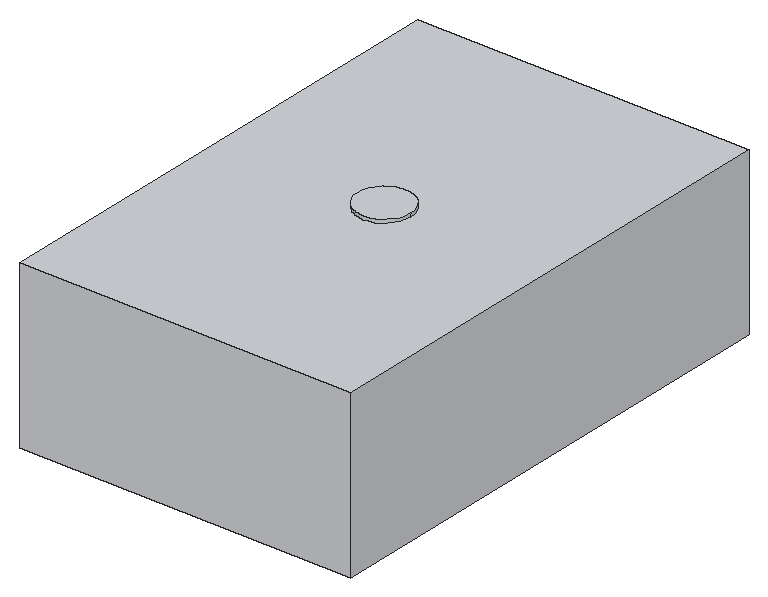
Revit family "電線管用ファミリ(片側のみ)", category Electrical Fixtures, Revit 2022
Family settings
  Round Connector Dimension = Use Diameter
  Part Type = Normal
  OmniClass Number = 23.80.00.00
  OmniClass Title = Electric Power and Lighting
  Work Plane-Based = No
  Always vertical = Yes
  Cut with Voids When Loaded = No
  Maintain Annotation Orientation = No
  Shared = No
  Room Calculation Point = No
Parameters
  コネクタ直径 [instance] = 16 mm
  W [instance] = 100 mm
  Default Elevation = 0 mm
  D [instance] = 150 mm
Reference planes
  plane 1 "中心(正面/背面)": y = 0
  plane 2: z = 0
  plane 3 "中心(左/右)": x = 0
  plane 4 "左": x = -50
  plane 5 "右": x = 50
  plane 6 "上": y = 75
  plane 7 "下": y = -75
  plane 8 "高さ": z = 50
Forms (mm)
  Extrusion 1, solid
    sketch origin (0, 0, 0) x (1, 0, 0) y (0, 1, 0)
      loop
        line (-50, 75) -> (-50, -75) -> (50, -75) -> (50, 75) -> (-50, 75)
    from 0 to 50
  Extrusion 2, solid
    sketch origin (0, 0, 50) x (-1, 0, 0) y (0, -1, 0)
      loop
        circle (0, 0) r 8
    from 0 to 1
Dimensions and locks
  equal spacing: plane 4 "左", plane 3 "中心(左/右)", plane 5 "右"
  "W": plane 4 "左" to plane 5 "右"
  equal spacing: plane 6 "上", plane 1 "中心(正面/背面)", plane 7 "下"
  "D": plane 6 "上" to plane 7 "下"
  "コネクタ直径": diameter of Extrusion 2 sketch curve
  aligned and locked: level to plane 2
  aligned and locked: Extrusion 1 sketch curve to plane 6 "上"
  aligned and locked: plane 4 "左" to Extrusion 1 sketch curve
  aligned and locked: plane 7 "下" to Extrusion 1 sketch curve
  aligned and locked: Extrusion 1 sketch curve to plane 5 "右"
Automatic sketch dimensions
  plane 1 "中心(正面/背面)" to Extrusion 2 sketch curve = 0 mm
  Extrusion 2 sketch curve to plane 3 "中心(左/右)" = 0 mm
Connectors
  cabletrayconduit at (0, 0, 51), diameter 16, driven by "コネクタ直径"
    settings: on Extrusion 2, index 3, connector width 300 mm, connector height 300 mm, connector angle 0.00°, system type 32, placement type 0, profile type 0, connector reference index -1, is primary connector yes, connector utility param no, connector description ""
